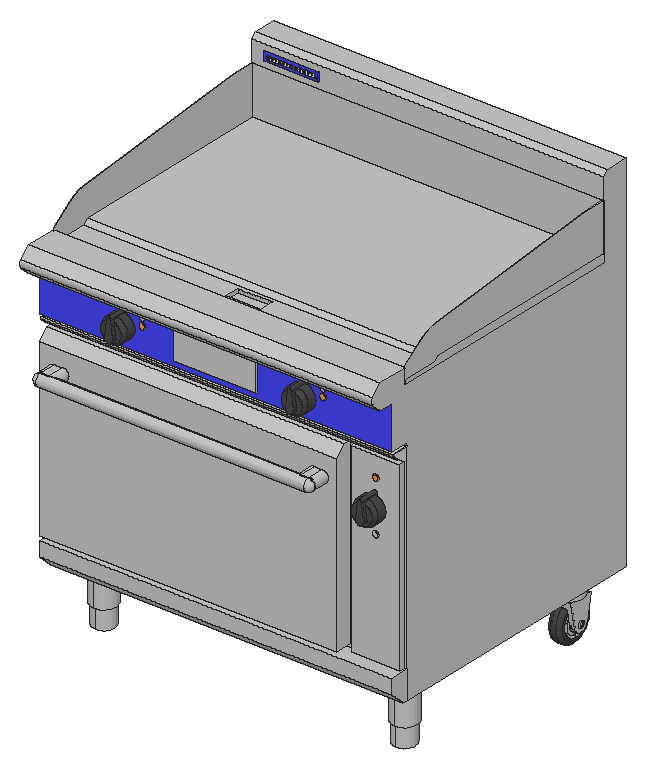
Revit family "QF_MOFFAT_BLUESEAL_CE_EP506", category Specialty Equipment, Revit 2012
Parameters
  Width = 900 mm
  Weight in Pounds = 336  # constant formula
  Watts = 18500 W
  Volts = 400 V
  URL Cutsheet = "www.moffat.com"
  URL = "www.moffat.com"
  Type Mark [instance] = ""
  Status [instance] = ""
  Specification by User [instance] = ""
  Specification by Manufacturer = ""
  Show Logo [instance] = yes
  Show Clearance [instance] = yes
  Show Casters [instance] = yes
  Serial Number = ""
  Seismic Rating = ""
  SMACNA No = ""
  Revision Code [instance] = ""
  Phase = 3
  Omniclass Number and Title = ""
  Number of Poles [instance] = 1
  NAFEM Spec ID Number = ""
  Model = "EP506"
  Min Ckt Ampacity = 0 A
  Max Overcurrent Protection = 0 A
  Masterspec = ""
  Manufacturer = "MOFFAT BLUESEAL"
  Legs [instance] = no
  Item Number [instance] = ""
  Installed By [instance] = ""
  Identify Quantity as Lot [instance] = yes
  Height = 1085 mm
  HP = ""
  Furnished By [instance] = ""
  Foodservice Equipment Identifier [instance] = yes
  FL Amps = 26 A
  Electrical Remarks [instance] = "26A PER PHASE"
  Electric Connection Type [instance] = ""
  Elec Conn RI Height [instance] = 0 mm
  Elec Conn Connection Height [instance] = 0 mm
  Description = "900MM ELECTRIC RANGE WITH CONVECTION OVEN"
  Depth = 805 mm
  Cycle = 50 Hz
  Conn Plug = ""
  Conn Conduit = yes
  CSI MasterFormat = ""
  CSI Master Format = ""
  Body Finish = QF_Finishes_Stainless Steel
  Apparent Power = if(Phase = 3, Volts * FL Amps * 1.73, Volts * FL Amps)  # 17992 VA
Reference planes
  plane 1 "BACK": y = 0
  plane 2: z = 0
  plane 3 "LEFT": x = 0
  plane 4 "RIGHT": x = 900
  plane 5 "FRONT": y = -812
  plane 6 "TOP": z = 970
  plane 7 "Center Y": x = 450
  plane 8 "Center X": y = -406
  plane 9: x = 280
  plane 10: x = 834.5
  plane 11: y = -32
  plane 12: z = 1085
  plane 13: z = 150
  plane 14: z = 740
  plane 15: x = 65.5
  plane 16: y = -100
  plane 17: y = -625
Forms (mm)
  Extrusion 1, solid, material "QF_Finishes_Stainless Steel" <- "Body Finish"
    sketch origin (0, 0, 0) x (0, 1, 0) y (0, 0, 1)
      loop
        line (0, 150) -> (0, 1085) -> (-58.9, 1085) -> (-70, 1073.9) -> (-70, 876.94) -> (-704.45, 876.94) -> (-704.45, 915) -> (-784.74, 915) -> (-808.31, 891.429)
        arc (-808.31, 891.429) -> (-812.002, 882.517) -> (-808.31, 873.604) r 12.604
        line (-808.31, 873.604) -> (-785.265, 850.559) -> (-748.2, 850.559) -> (-748.2, 740.5) -> (-699.05, 740.5) -> (-699.05, 150) -> (0, 150)
      loop
        line (-700.429, 732.9) -> (-743.335, 732.9)
        arc (-743.335, 732.9) -> (-745.599, 731.388) -> (-745.068, 728.718) r 2.45
        line (-745.068, 728.718) -> (-730.865, 714.515) -> (-730.158, 715.222) -> (-744.36, 729.425)
        arc (-744.36, 729.425) -> (-744.675, 731.005) -> (-743.335, 731.9) r 1.45
        line (-743.335, 731.9) -> (-700.429, 731.9) -> (-700.429, 732.9)
      loop
        line (-713.1, 150) -> (-699.5, 150) -> (-699.5, 221.7) -> (-748.5, 221.7) -> (-748.5, 185.4) -> (-713.1, 150)
    from 0 to 900
  Extrusion 2, solid, material "QF_Finishes_Stainless Steel"
    sketch origin (0, 0, 0) x (0, 1, 0) y (0, 0, 1)
      loop
        line (-724.715, 700.925) -> (-748.715, 676.925) -> (-748.715, 233.675) -> (-708.715, 233.675) -> (-708.715, 700.925) -> (-724.715, 700.925)
    from 0 to 760
  Extrusion 3, solid, material "QF_Finishes_Stainless Steel"
    sketch origin (723.5, 0, 0) x (0, 1, 0) y (0, 0, 1)
      loop
        line (-708.715, 700) -> (-721, 700) -> (-721, 227.5) -> (-708.715, 227.5) -> (-708.715, 700)
    from 51.5 to 176.5
  Revolve 4, solid, material "QF_Finishes_Stainless Steel" <- "Body Finish"
    sketch origin (834.5, -696.126, 0) x (0, 1, 0) y (0, 0, -1)
      loop
        line (39.376, -150) -> (71.126, -150) -> (71.126, 0) -> (43.626, 0) -> (43.626, -50) -> (39.376, -50) -> (39.376, -150)
      axis (71.126, -150) -> (71.126, 0)
    angle from 0 to 360
  Revolve 5, solid, material "QF_Finishes_Stainless Steel" <- "Body Finish"
    sketch origin (65.5, -696.126, 0) x (0, 1, 0) y (0, 0, 1)
      loop
        line (39.376, 150) -> (39.376, 50) -> (43.626, 50) -> (43.626, 0) -> (71.126, 0) -> (71.126, 150) -> (39.376, 150)
      axis (71.126, 150) -> (71.126, 0)
    angle from 0 to 360
  Extrusion 6, solid, material "QF_Finishes_Stainless Steel"
    sketch origin (0, 0, 740) x (0, 1, 0) y (1, 0, 0)
      loop
        circle (-32, 770) r 10
    from 0 to -3
  Revolve 7, solid, material "QF_Finishes_Black"
    sketch origin (837.495, 73.874, -213.6) x (0, 1, 0) y (0, 0, 1)
      loop
        line (-827.874, 829.5) -> (-838.874, 823.651) -> (-838.874, 797) -> (-794.874, 797) -> (-794.874, 802) -> (-804.874, 802) -> (-804.874, 829.5) -> (-827.874, 829.5)
      axis (-838.874, 797) -> (-794.874, 797)
    angle from 0 to 360
  Extrusion 8, solid, material "QF_Finishes_Black"
    sketch origin (689.688, 35, -213.6) x (1, 0, 0) y (0, 0, 1)
      loop
        line (158.226, 786.195) -> (152.806, 829.113)
        arc (152.806, 829.113) -> (147.807, 834) -> (142.808, 829.113) r 5
        line (142.808, 829.113) -> (137.319, 785.028)
        arc (137.319, 785.028) -> (148.391, 774.529) -> (158.226, 786.195) r 10.487
    from 759 to 808
  Extrusion 9, solid, material "QF_Door-Drawer Clearances", visible <- "Show Clearance", detail levels coarse
    sketch origin (0, 0, 0) x (0, -1, 0) y (0, 0, 1)
      loop
        line (748.715, 703.522) -> (748.715, 233.675) -> (1218.562, 233.675)
        arc (1218.562, 233.675) -> (1080.947, 565.907) -> (748.715, 703.522) r 469.847
    from 0 to -760
  Extrusion 10, void
    sketch origin (0, 0, 222.5) x (1, 0, 0) y (0, 1, 0)
      loop
        line (824, -87) -> (824, 0) -> (694, 0) -> (694, -39) -> (744, -87) -> (824, -87)
    from 0 to 517.5
  Extrusion 11, solid, material "QF_Finishes_Stainless Steel"
    sketch origin (0, -749, 227.5) x (0, 0, 1) y (-1, 0, 0)
      loop
        line (380.625, -38.246) -> (380.625, -58.528)
        arc (380.625, -58.528) -> (395.625, -73.528) -> (410.625, -58.528) r 15
        line (410.625, -58.528) -> (410.625, -38.246)
        arc (410.625, -38.246) -> (395.625, -23.246) -> (380.625, -38.246) r 15
      loop
        arc (380.625, -723.039) -> (395.625, -738.039) -> (410.625, -723.039) r 15
        line (410.625, -723.039) -> (410.625, -702.757)
        arc (410.625, -702.757) -> (395.625, -687.757) -> (380.625, -702.757) r 15
        line (380.625, -702.757) -> (380.625, -723.039)
    from 0 to 44
  Revolve 12, solid, material "QF_Finishes_Stainless Steel"
    sketch origin (0, -793, 0) x (1, 0, 0) y (0, 0, 1)
      loop
        arc (738.039, 623.125) -> (733.646, 633.732) -> (723.039, 638.125) r 15
        line (723.039, 638.125) -> (38.246, 638.125)
        arc (38.246, 638.125) -> (27.64, 633.732) -> (23.246, 623.125) r 15
        line (23.246, 623.125) -> (738.039, 623.125)
      axis (738.039, 623.125) -> (23.246, 623.125)
    angle from 0 to 360
  Revolve 13, solid, material "QF_Finishes_Black"
    sketch origin (217.5, 14.8, 598.3) x (0, 1, 0) y (0, 0, -1)
      loop
        line (-796, -229.5) -> (-773, -229.5) -> (-773, -202) -> (-763, -202) -> (-763, -197) -> (-807, -197) -> (-807, -223.651) -> (-796, -229.5)
      axis (-807, -197) -> (-763, -197)
    angle from 0 to 360
  Extrusion 14, solid, material "QF_Finishes_Black"
    sketch origin (355.77, 7.8, 598.458) x (-1, 0, 0) y (0, 0, -1)
      loop
        line (127.85, -186.037) -> (133.271, -228.955)
        arc (133.271, -228.955) -> (138.27, -233.842) -> (143.268, -228.955) r 5
        line (143.268, -228.955) -> (148.757, -184.87)
        arc (148.757, -184.87) -> (137.685, -174.371) -> (127.85, -186.037) r 10.487
    from 759 to 808
  Extrusion 15, solid, material "QF_Finishes_Stainless Steel"
    sketch origin (-295, -748.2, 866) x (0, 0, -1) y (1, 0, 0)
      loop
        line (24, 640) -> (110.5, 640) -> (110.5, 850) -> (24, 850) -> (24, 640)
    from 0 to 2.5
  Extrusion 16, solid, material "QF_Finishes_Stainless Steel"
    sketch origin (-295, -750.7, 866) x (0, 0, -1) y (1, 0, 0)
      loop
        line (31, 850) -> (24, 850) -> (24, 640) -> (31, 640) -> (31, 850)
    from 0 to 5
  Revolve 17, solid, material "QF_Finishes_Black"
    sketch origin (680.116, 14.8, 598.3) x (0, 1, 0) y (0, 0, 1)
      loop
        line (-796, 229.5) -> (-807, 223.651) -> (-807, 197) -> (-763, 197) -> (-763, 202) -> (-773, 202) -> (-773, 229.5) -> (-796, 229.5)
      axis (-807, 197) -> (-763, 197)
    angle from 0 to 360
  Extrusion 18, solid, material "QF_Finishes_Black"
    sketch origin (541.846, 7.8, 598.458) x (1, 0, 0) y (0, 0, 1)
      loop
        line (148.689, 186.037) -> (143.268, 228.955)
        arc (143.268, 228.955) -> (138.27, 233.842) -> (133.271, 228.955) r 5
        line (133.271, 228.955) -> (127.782, 184.87)
        arc (127.782, 184.87) -> (138.854, 174.371) -> (148.689, 186.037) r 10.487
    from 759 to 808
  Extrusion 19, solid, material "QF_Finishes_Orange"
    sketch origin (0, -748.2, 866) x (0, 0, -1) y (1, 0, 0)
      loop
        circle (60.7, 725.121) r 7.15
      loop
        circle (60.7, 262.505) r 7.15
    from 0 to 1
  Extrusion 20, solid, material "QF_Finishes_Stainless Steel"
    sketch origin (0, -748.2, 866) x (0, 0, -1) y (1, 0, 0)
      loop
        circle (40.7, 725.121) r 7.15
      loop
        circle (40.7, 262.505) r 7.15
    from 0 to 1
  Revolve 21, solid, material "QF_Finishes_Stainless Steel", visible <- "Legs"
    sketch origin (834.5, -210, 0) x (0, 1, 0) y (0, 0, -1)
      loop
        line (78.25, -150) -> (110, -150) -> (110, 0) -> (82.5, 0) -> (82.5, -50) -> (78.25, -50) -> (78.25, -150)
      axis (110, -150) -> (110, 0)
    angle from 0 to 360
  Revolve 22, solid, material "QF_Finishes_Stainless Steel", visible <- "Legs"
    sketch origin (65, -210, 0) x (0, 1, 0) y (0, 0, -1)
      loop
        line (78.25, -150) -> (110, -150) -> (110, 0) -> (82.5, 0) -> (82.5, -50) -> (78.25, -50) -> (78.25, -150)
      axis (110, -150) -> (110, 0)
    angle from 0 to 360
  Revolve 23, solid, material "QF_Finishes_Stainless Steel", visible <- "Legs"
    sketch origin (65.5, -166, 0) x (0, 1, 0) y (0, 0, 1)
      loop
        line (34.25, 150) -> (34.25, 50) -> (38.5, 50) -> (38.5, 0) -> (66, 0) -> (66, 150) -> (34.25, 150)
      axis (66, 150) -> (66, 0)
    angle from 0 to 360
  Revolve 24, solid, material "QF_Finishes_Stainless Steel", visible <- "Legs"
    sketch origin (835, -166, 0) x (0, 1, 0) y (0, 0, -1)
      loop
        line (34.25, -150) -> (66, -150) -> (66, 0) -> (38.5, 0) -> (38.5, -50) -> (34.25, -50) -> (34.25, -150)
      axis (66, -150) -> (66, 0)
    angle from 0 to 360
  Revolve 25, solid, material "QF_Finishes_Stainless Steel", visible <- "Show Casters"
    sketch origin (16.276, -100.755, -13.653) x (1, 0, 0) y (0, 0, 1)
      loop
        line (14.841, 63.604) -> (83.584, 63.604) -> (83.584, 67.109) -> (82.314, 68.379) -> (80.79, 68.379) -> (80.79, 71.826) -> (68.644, 71.826) -> (68.644, 81.79) -> (65.088, 83.843) -> (63.738, 92.179) -> (65.881, 92.179) -> (65.881, 98.529) -> (65.088, 98.529) -> (65.088, 104.879)
        arc (65.088, 104.879) -> (62.298, 111.614) -> (55.563, 114.404) r 9.525
        line (55.563, 114.404) -> (42.863, 114.404)
        arc (42.863, 114.404) -> (36.127, 111.614) -> (33.338, 104.879) r 9.525
        line (33.338, 104.879) -> (33.338, 98.529) -> (32.544, 98.529) -> (32.544, 92.179) -> (34.687, 92.179) -> (33.352, 83.932) -> (29.782, 81.871) -> (29.782, 71.826) -> (17.635, 71.826) -> (17.635, 68.379) -> (16.111, 68.379) -> (14.841, 67.109) -> (14.841, 63.604)
      axis (14.841, 63.604) -> (83.584, 63.604)
    angle from 0 to 360
  Extrusion 26, solid, material "QF_Finishes_Stainless Steel", visible <- "Show Casters"
    sketch origin (72.001, 132.353, -8.783) x (0, 1, 0) y (0, 0, 1)
      loop
        line (-200.603, 118.783) -> (-264.103, 118.783) -> (-251.746, 53.895)
        arc (-251.746, 53.895) -> (-232.353, 38.783) -> (-212.959, 53.895) r 20
        line (-212.959, 53.895) -> (-200.603, 118.783)
    from -35.667 to 22.923
  Revolve 27, solid, material "QF_Finishes_Stainless Steel", visible <- "Show Casters"
    sketch origin (65.5, -204, 0) x (0, 1, 0) y (0, 0, 1)
      loop
        line (68.25, 150) -> (68.25, 110) -> (104, 110) -> (104, 150) -> (68.25, 150)
      axis (104, 150) -> (104, 110)
    angle from 0 to 360
  Revolve 28, solid, material "QF_Finishes_Stainless Steel", visible <- "Legs"
    sketch origin (65.5, -166, 0) x (0, 1, 0) y (0, 0, 1)
      loop
        line (34.25, 150) -> (34.25, 50) -> (38.5, 50) -> (38.5, 0) -> (66, 0) -> (66, 150) -> (34.25, 150)
      axis (66, 150) -> (66, 0)
    angle from 0 to 360
  Extrusion 29, solid, material "QF_Finishes_Stainless Steel", visible <- "Show Casters"
    sketch origin (841.501, 132.353, -8.783) x (0, 1, 0) y (0, 0, 1)
      loop
        line (-200.603, 118.783) -> (-264.103, 118.783) -> (-251.746, 53.895)
        arc (-251.746, 53.895) -> (-232.353, 38.783) -> (-212.959, 53.895) r 20
        line (-212.959, 53.895) -> (-200.603, 118.783)
    from -35.667 to 22.923
  Revolve 30, solid, material "QF_Finishes_Stainless Steel", visible <- "Show Casters"
    sketch origin (835, -204, 0) x (0, 1, 0) y (0, 0, 1)
      loop
        line (68.25, 150) -> (68.25, 110) -> (104, 110) -> (104, 150) -> (68.25, 150)
      axis (104, 150) -> (104, 110)
    angle from 0 to 360
  Revolve 31, solid, material "QF_Finishes_Stainless Steel", visible <- "Show Casters"
    sketch origin (786.276, -100.755, -13.653) x (1, 0, 0) y (0, 0, 1)
      loop
        line (14.841, 63.604) -> (83.584, 63.604) -> (83.584, 67.109) -> (82.314, 68.379) -> (80.79, 68.379) -> (80.79, 71.826) -> (68.644, 71.826) -> (68.644, 81.79) -> (65.088, 83.843) -> (63.738, 92.179) -> (65.881, 92.179) -> (65.881, 98.529) -> (65.088, 98.529) -> (65.088, 104.879)
        arc (65.088, 104.879) -> (62.298, 111.614) -> (55.563, 114.404) r 9.525
        line (55.563, 114.404) -> (42.863, 114.404)
        arc (42.863, 114.404) -> (36.127, 111.614) -> (33.338, 104.879) r 9.525
        line (33.338, 104.879) -> (33.338, 98.529) -> (32.544, 98.529) -> (32.544, 92.179) -> (34.687, 92.179) -> (33.352, 83.932) -> (29.782, 81.871) -> (29.782, 71.826) -> (17.635, 71.826) -> (17.635, 68.379) -> (16.111, 68.379) -> (14.841, 67.109) -> (14.841, 63.604)
      axis (14.841, 63.604) -> (83.584, 63.604)
    angle from 0 to 360
  Extrusion 32, solid, material "QF_Finishes_Stainless Steel"
    sketch origin (723.5, -721, 700) x (0, 0, -1) y (1, 0, 0)
      loop
        circle (181.6, 114) r 7.15
    from 0 to 1
  Extrusion 33, solid, material "QF_Finishes_Orange"
    sketch origin (723.5, -721, 700) x (0, 0, -1) y (1, 0, 0)
      loop
        circle (51.6, 114) r 7.15
    from 0 to 1
Cuts and joins
  Extrusion 10 cuts Extrusion 1
Lines and regions (mm)
  Split face 1
    outline origin (900, 0, 1085) x (-1, 0, 0) y (0, -1, 0)
      loop
        arc (44, 45.385) -> (35.34, 40.385) -> (35.34, 30.385) r 10
        line (35.34, 30.385) -> (39.381, 23.385)
        arc (39.381, 23.385) -> (43.041, 19.725) -> (48.041, 18.385) r 10
        line (48.041, 18.385) -> (276, 18.385)
        arc (276, 18.385) -> (284.66, 23.385) -> (284.66, 33.385) r 10
        line (284.66, 33.385) -> (280.619, 40.385)
        arc (280.619, 40.385) -> (276.959, 44.045) -> (271.959, 45.385) r 10
        line (271.959, 45.385) -> (44, 45.385)
  Split face 2
    outline origin (900, 0, 1085) x (-1, 0, 0) y (0, -1, 0)
      loop
        arc (334, 45.385) -> (325.34, 40.385) -> (325.34, 30.385) r 10
        line (325.34, 30.385) -> (329.381, 23.385)
        arc (329.381, 23.385) -> (333.041, 19.725) -> (338.041, 18.385) r 10
        line (338.041, 18.385) -> (566, 18.385)
        arc (566, 18.385) -> (574.66, 23.385) -> (574.66, 33.385) r 10
        line (574.66, 33.385) -> (570.619, 40.385)
        arc (570.619, 40.385) -> (566.959, 44.045) -> (561.959, 45.385) r 10
        line (561.959, 45.385) -> (334, 45.385)
  Split face 3
    outline origin (900, 0, 1085) x (-1, 0, 0) y (0, -1, 0)
      loop
        arc (624, 45.385) -> (615.34, 40.385) -> (615.34, 30.385) r 10
        line (615.34, 30.385) -> (619.381, 23.385)
        arc (619.381, 23.385) -> (623.041, 19.725) -> (628.041, 18.385) r 10
        line (628.041, 18.385) -> (856, 18.385)
        arc (856, 18.385) -> (864.66, 23.385) -> (864.66, 33.385) r 10
        line (864.66, 33.385) -> (860.619, 40.385)
        arc (860.619, 40.385) -> (856.959, 44.045) -> (851.959, 45.385) r 10
        line (851.959, 45.385) -> (624, 45.385)
  symbolic lines, style "QF_Door-Drawer Clearances", visible <- "Show Clearance"
    curve 1: line (0, -1218.562, 0) -> (0, -812, 0)
    curve 2: line (0, -1218.562, 0) -> (760, -1218.562, 0)
    curve 3: line (760, -1218.562, 0) -> (760, -812, 0)
  symbolic lines, style "SpecialityEquipmentHiddenLines", visible <- "Show Casters"
    curve 4: line (78.456, -46.735, 0) -> (105.952, -62.61, 0)
    curve 5: line (27.656, -134.723, 0) -> (78.456, -46.735, 0)
    curve 6: line (55.152, -150.598, 0) -> (27.656, -134.723, 0)
    curve 7: line (105.952, -62.61, 0) -> (55.152, -150.598, 0)
    curve 8: line (824.652, -150.598, 0) -> (797.156, -134.723, 0)
    curve 9: line (875.452, -62.61, 0) -> (824.652, -150.598, 0)
    curve 10: line (847.956, -46.735, 0) -> (797.156, -134.723, 0)
    curve 11: line (875.452, -62.61, 0) -> (847.956, -46.735, 0)
  symbolic lines
    curve 12: line (44, -18.385, 0) -> (271.959, -18.385, 0)
    curve 13: arc (271.959, -18.385, 0) -> (276.959, -19.725, 0) -> (280.619, -23.385, 0) r 10
    curve 14: line (280.619, -23.385, 0) -> (284.66, -30.385, 0)
    curve 15: arc (284.66, -30.385, 0) -> (284.66, -40.385, 0) -> (276, -45.385, 0) r 10
    curve 16: line (276, -45.385, 0) -> (48.041, -45.385, 0)
    curve 17: arc (48.041, -45.385, 0) -> (43.041, -44.045, 0) -> (39.381, -40.385, 0) r 10
    curve 18: line (39.381, -40.385, 0) -> (35.34, -33.385, 0)
    curve 19: arc (35.34, -33.385, 0) -> (35.34, -23.385, 0) -> (44, -18.385, 0) r 10
    curve 20: line (334, -18.385, 0) -> (561.959, -18.385, 0)
    curve 21: arc (561.959, -18.385, 0) -> (566.959, -19.725, 0) -> (570.619, -23.385, 0) r 10
    curve 22: line (570.619, -23.385, 0) -> (574.66, -30.385, 0)
    curve 23: arc (574.66, -30.385, 0) -> (574.66, -40.385, 0) -> (566, -45.385, 0) r 10
    curve 24: line (566, -45.385, 0) -> (338.041, -45.385, 0)
    curve 25: arc (338.041, -45.385, 0) -> (333.041, -44.045, 0) -> (329.381, -40.385, 0) r 10
    curve 26: line (329.381, -40.385, 0) -> (325.34, -33.385, 0)
    curve 27: arc (325.34, -33.385, 0) -> (325.34, -23.385, 0) -> (334, -18.385, 0) r 10
    curve 28: line (851.959, -18.385, 0) -> (624, -18.385, 0)
    curve 29: arc (624, -18.385, 0) -> (615.34, -23.385, 0) -> (615.34, -33.385, 0) r 10
    curve 30: line (615.34, -33.385, 0) -> (619.381, -40.385, 0)
    curve 31: arc (619.381, -40.385, 0) -> (623.041, -44.045, 0) -> (628.041, -45.385, 0) r 10
    curve 32: line (628.041, -45.385, 0) -> (856, -45.385, 0)
    curve 33: arc (856, -45.385, 0) -> (864.66, -40.385, 0) -> (864.66, -30.385, 0) r 10
    curve 34: line (864.66, -30.385, 0) -> (860.619, -23.385, 0)
    curve 35: arc (860.619, -23.385, 0) -> (856.959, -19.725, 0) -> (851.959, -18.385, 0) r 10
    curve 36: line (900, 0, 0) -> (0, 0, 0)
    curve 37: line (0, 0, 0) -> (0, -812, 0)
    curve 38: line (900, -812, 0) -> (900, 0, 0)
    curve 39: line (0, -784.7, 0) -> (900, -784.7, 0)
    curve 40: line (0, -812, 0) -> (900, -812, 0)
    curve 41: line (0, -58.9, 0) -> (900, -58.9, 0)
    curve 42: line (0, -70, 0) -> (900, -70, 0)
Dimensions and locks
  equal spacing: plane 3 "LEFT", plane 7 "Center Y", plane 4 "RIGHT"
  "Width": plane 3 "LEFT" to plane 4 "RIGHT"
  equal spacing: plane 5 "FRONT", plane 8 "Center X", plane 1 "BACK"
  plane 5 "FRONT" to plane 1 "BACK" = 812 mm  (x2)
  equal spacing: plane 4 "RIGHT", plane 7 "Center Y", plane 3 "LEFT"
  plane 4 "RIGHT" to plane 3 "LEFT" = 900 mm
  plane 9 to plane 3 "LEFT" = 280 mm
  plane 6 "TOP" to plane 2 = 970 mm
  plane 12 to plane 2 = 1085 mm
  plane 13 to plane 2 = 150 mm
  plane 14 to plane 2 = 740 mm
  Revolve 25 sketch curve to Revolve 25 sketch curve = 50.8 mm
  Revolve 31 sketch curve to Revolve 31 sketch curve = 50.8 mm
  cut or joined group of Extrusion 1, Extrusion 10 to plane 2 = 915 mm
  aligned and locked: level to plane 2
Automatic sketch dimensions
  Extrusion 2 sketch curve to plane 5 "FRONT" = 63.285 mm  (x2)
  Extrusion 2 sketch curve to Extrusion 2 sketch curve = 24 mm
  Extrusion 2 sketch curve to Extrusion 2 sketch curve = 40 mm
  Extrusion 2 sketch curve to plane 13 = 83.675 mm
  Extrusion 2 sketch curve to plane 14 = 63.075 mm
  Extrusion 2 sketch curve to plane 14 = 39.075 mm
  Extrusion 3 sketch curve to plane 14 = 40 mm
  Extrusion 3 sketch curve to plane 5 "FRONT" = 91 mm
  Extrusion 3 sketch curve to Extrusion 3 sketch curve = 12.285 mm  (x2)
  Extrusion 3 sketch curve to plane 13 = 77.5 mm
  plane 13 to Revolve 4 sketch curve = 0 mm
  Revolve 4 sketch curve to level = 0 mm
  Revolve 4 sketch curve to plane 17 = 0 mm  (x2)
  Revolve 4 sketch curve to Revolve 4 sketch curve = 27.5 mm
  plane 17 to Revolve 4 sketch curve = 31.75 mm
  level to Revolve 4 sketch curve = 50 mm
  Revolve 4 sketch curve to Revolve 4 sketch curve = 0 mm
  Revolve 4 sketch curve to Revolve 4 sketch curve = 55 mm
  plane 13 to Revolve 5 sketch curve = 0 mm
  Revolve 5 sketch curve to level = 0 mm
  Revolve 5 sketch curve to plane 17 = 0 mm  (x2)
  Revolve 5 sketch curve to Revolve 5 sketch curve = 27.5 mm
  plane 17 to Revolve 5 sketch curve = 31.75 mm
  Revolve 5 sketch curve to level = 55 mm
  Revolve 5 sketch curve to Revolve 5 sketch curve = 50 mm
  Revolve 5 sketch curve to Revolve 5 sketch curve = 0 mm
  Extrusion 10 to Extrusion 6 sketch curve = 32 mm
  Extrusion 10 to Extrusion 6 sketch curve = 54 mm
  Revolve 7 sketch curve to plane 5 "FRONT" = 47 mm
  Revolve 7 sketch curve to Revolve 7 sketch curve = 0 mm  (x2)
  Revolve 7 sketch curve to Revolve 7 sketch curve = 11 mm
  Revolve 7 sketch curve to Revolve 7 sketch curve = 12.7 mm
  Revolve 7 sketch curve to Revolve 7 sketch curve = 23 mm
  Revolve 7 sketch curve to Revolve 7 sketch curve = 10 mm
  Revolve 7 sketch curve to plane 14 = 156.6 mm
  Revolve 7 sketch curve to Revolve 7 sketch curve = 5 mm
  Revolve 7 sketch curve to Revolve 7 sketch curve = 26.651 mm
  Revolve 7 sketch curve to Revolve 7 sketch curve = 5.849 mm
  Extrusion 8 sketch curve to plane 10 = 7.492 mm
  Extrusion 8 sketch curve to plane 10 = 2.003 mm
  plane 10 to Extrusion 8 sketch curve = 2.995 mm  (x2)
  Extrusion 8 sketch curve to Extrusion 8 sketch curve = 4.999 mm
  Extrusion 8 sketch curve to Extrusion 8 sketch curve = 10.419 mm
  Extrusion 8 sketch curve to plane 14 = 168.6 mm
  Extrusion 8 sketch curve to Extrusion 8 sketch curve = 0.028 mm
  Extrusion 8 sketch curve to Extrusion 8 sketch curve = 44 mm
  Extrusion 8 sketch curve to Extrusion 8 sketch curve = 0.113 mm
  Extrusion 9 sketch curve to plane 5 "FRONT" = 63.285 mm
  Extrusion 9 sketch curve to plane 13 = 83.675 mm
  plane 5 "FRONT" to Extrusion 9 sketch curve = 406.562 mm
  plane 1 "BACK" to Extrusion 10 sketch curve = 0 mm
  Extrusion 10 sketch curve to plane 11 = 7 mm
  Extrusion 10 sketch curve to plane 10 = 140.5 mm
  Extrusion 10 sketch curve to plane 16 = 13 mm
  Extrusion 10 sketch curve to Extrusion 10 sketch curve = 50 mm
  Extrusion 10 sketch curve to plane 10 = 10.5 mm
  Extrusion 11 sketch curve to plane 15 = 6.972 mm
  Extrusion 11 sketch curve to plane 14 = 131.875 mm  (x2)
  Extrusion 11 sketch curve to Extrusion 11 sketch curve = 15 mm  (x2)
  Extrusion 11 sketch curve to plane 10 = 131.743 mm
  Extrusion 11 sketch curve to Extrusion 11 sketch curve = 20.282 mm  (x2)
  Revolve 12 sketch curve to plane 3 "LEFT" = 6.961 mm
  plane 3 "LEFT" to Revolve 12 sketch curve = 23.246 mm
  Revolve 12 sketch curve to Revolve 12 sketch curve = 15 mm
  plane 7 "Center Y" to Revolve 12 sketch curve = 138.039 mm
  Revolve 12 sketch curve to plane 10 = 111.461 mm
  Revolve 12 sketch curve to plane 14 = 116.875 mm
  Revolve 12 sketch curve to Revolve 12 sketch curve = 0 mm
  Revolve 13 sketch curve to plane 5 "FRONT" = 19.8 mm
  Revolve 13 sketch curve to Revolve 13 sketch curve = 0 mm  (x2)
  Revolve 13 sketch curve to Revolve 13 sketch curve = 11 mm
  Revolve 13 sketch curve to Revolve 13 sketch curve = 12.7 mm
  Revolve 13 sketch curve to Revolve 13 sketch curve = 23 mm
  Revolve 13 sketch curve to Revolve 13 sketch curve = 10 mm
  plane 14 to Revolve 13 sketch curve = 87.8 mm
  Revolve 13 sketch curve to Revolve 13 sketch curve = 5.849 mm
  Revolve 13 sketch curve to Revolve 13 sketch curve = 27.5 mm
  Revolve 13 sketch curve to Revolve 13 sketch curve = 5 mm
  Extrusion 14 sketch curve to plane 9 = 52.081 mm
  Extrusion 14 sketch curve to Extrusion 14 sketch curve = 5.421 mm
  Extrusion 14 sketch curve to Extrusion 14 sketch curve = 10.419 mm
  Extrusion 14 sketch curve to Extrusion 14 sketch curve = 4.999 mm  (x2)
  Extrusion 14 sketch curve to Extrusion 14 sketch curve = 10.487 mm
  plane 14 to Extrusion 14 sketch curve = 87.413 mm
  Extrusion 14 sketch curve to Extrusion 14 sketch curve = 0.113 mm
  Extrusion 14 sketch curve to Extrusion 14 sketch curve = 42.919 mm
  Extrusion 14 sketch curve to Extrusion 14 sketch curve = 1.167 mm
  plane 14 to Extrusion 15 sketch curve = 102 mm
  plane 14 to Extrusion 15 sketch curve = 15.5 mm
  plane 9 to Extrusion 15 sketch curve = 65 mm
  plane 7 "Center Y" to Extrusion 15 sketch curve = 105 mm
  Extrusion 16 sketch curve to Extrusion 15 = 0 mm  (x2)
  Extrusion 15 to Extrusion 16 sketch curve = 0 mm
  Extrusion 16 sketch curve to Extrusion 15 = 7 mm
  Revolve 17 sketch curve to plane 5 "FRONT" = 19.8 mm
  Revolve 17 sketch curve to Revolve 17 sketch curve = 0 mm  (x2)
  Revolve 17 sketch curve to Revolve 17 sketch curve = 11 mm
  Revolve 17 sketch curve to Revolve 17 sketch curve = 12.7 mm
  Revolve 17 sketch curve to Revolve 17 sketch curve = 23 mm
  Revolve 17 sketch curve to Revolve 17 sketch curve = 10 mm
  plane 14 to Revolve 17 sketch curve = 55.3 mm
  Revolve 17 sketch curve to Revolve 17 sketch curve = 5 mm
  Revolve 17 sketch curve to Revolve 17 sketch curve = 26.651 mm
  Revolve 17 sketch curve to Revolve 17 sketch curve = 5.849 mm
  plane 14 to Extrusion 18 sketch curve = 43.328 mm
  Extrusion 18 sketch curve to plane 10 = 164.871 mm
  Extrusion 18 sketch curve to Extrusion 18 sketch curve = 5.489 mm
  Extrusion 18 sketch curve to Extrusion 18 sketch curve = 4.999 mm  (x2)
  Extrusion 18 sketch curve to Extrusion 18 sketch curve = 10.487 mm
  plane 14 to Extrusion 18 sketch curve = 87.413 mm
  plane 14 to Extrusion 18 sketch curve = 44.495 mm
  Extrusion 18 sketch curve to Extrusion 18 sketch curve = 10.419 mm
  Extrusion 18 sketch curve to Extrusion 18 sketch curve = 0.113 mm
  Extrusion 19 sketch curve to plane 9 = 17.495 mm
  plane 14 to Extrusion 19 sketch curve = 65.3 mm  (x2)
  Extrusion 19 sketch curve to plane 10 = 109.379 mm
  Extrusion 20 sketch curve to plane 9 = 17.495 mm
  plane 14 to Extrusion 20 sketch curve = 85.3 mm  (x2)
  Extrusion 20 sketch curve to plane 10 = 109.379 mm
  plane 13 to Revolve 21 sketch curve = 0 mm
  Revolve 21 sketch curve to level = 0 mm
  Revolve 21 sketch curve to plane 16 = 0 mm  (x2)
  Revolve 21 sketch curve to Revolve 21 sketch curve = 27.5 mm
  Revolve 21 sketch curve to Revolve 21 sketch curve = 31.75 mm
  level to Revolve 21 sketch curve = 50 mm
  Revolve 21 sketch curve to Revolve 21 sketch curve = 0 mm
  Revolve 21 sketch curve to Revolve 21 sketch curve = 55 mm
  plane 13 to Revolve 22 sketch curve = 0 mm
  Revolve 22 sketch curve to level = 0 mm
  Revolve 22 sketch curve to plane 16 = 0 mm  (x2)
  Revolve 22 sketch curve to Revolve 22 sketch curve = 27.5 mm
  Revolve 22 sketch curve to Revolve 22 sketch curve = 31.75 mm
  level to Revolve 22 sketch curve = 50 mm
  Revolve 22 sketch curve to Revolve 22 sketch curve = 0 mm
  Revolve 22 sketch curve to Revolve 22 sketch curve = 55 mm
  plane 13 to Revolve 23 sketch curve = 0 mm
  Revolve 23 sketch curve to level = 0 mm
  Revolve 23 sketch curve to plane 16 = 0 mm  (x2)
  Revolve 23 sketch curve to Revolve 23 sketch curve = 27.5 mm
  Revolve 23 sketch curve to Revolve 23 sketch curve = 31.75 mm
  Revolve 23 sketch curve to Revolve 23 sketch curve = 55 mm
  level to Revolve 23 sketch curve = 50 mm
  Revolve 23 sketch curve to Revolve 23 sketch curve = 0 mm
  plane 13 to Revolve 24 sketch curve = 0 mm
  Revolve 24 sketch curve to level = 0 mm
  Revolve 24 sketch curve to plane 16 = 0 mm  (x2)
  Revolve 24 sketch curve to Revolve 24 sketch curve = 27.5 mm
  plane 16 to Revolve 24 sketch curve = 31.75 mm
  level to Revolve 24 sketch curve = 50 mm
  Revolve 24 sketch curve to Revolve 24 sketch curve = 0 mm
  Revolve 24 sketch curve to Revolve 24 sketch curve = 55 mm
  plane 3 "LEFT" to Revolve 25 sketch curve = 31.118 mm
  Revolve 25 sketch curve to Revolve 25 sketch curve = 1.27 mm  (x4)
  Revolve 25 sketch curve to Revolve 25 sketch curve = 1.524 mm  (x2)
  Revolve 25 sketch curve to Revolve 25 sketch curve = 12.146 mm  (x2)
  Revolve 25 sketch curve to plane 15 = 16.68 mm
  Revolve 25 sketch curve to Revolve 25 sketch curve = 0.794 mm  (x2)
  Revolve 25 sketch curve to Revolve 25 sketch curve = 3.57 mm
  Revolve 25 sketch curve to Revolve 25 sketch curve = 2.143 mm
  Revolve 25 sketch curve to plane 15 = 6.361 mm
  plane 15 to Revolve 25 sketch curve = 5.13 mm
  plane 15 to Revolve 25 sketch curve = 6.339 mm
  plane 15 to Revolve 25 sketch curve = 14.515 mm
  Revolve 25 sketch curve to Revolve 25 sketch curve = 1.349 mm  (x2)
  Revolve 25 sketch curve to Revolve 25 sketch curve = 3.556 mm
  Revolve 25 sketch curve to Revolve 25 sketch curve = 33.32 mm
  level to Revolve 25 sketch curve = 49.952 mm
  Revolve 25 sketch curve to Revolve 25 sketch curve = 0 mm
  Revolve 25 sketch curve to Revolve 25 sketch curve = 3.505 mm  (x2)
  Revolve 25 sketch curve to Revolve 25 sketch curve = 3.447 mm  (x2)
  Revolve 25 sketch curve to Revolve 25 sketch curve = 9.964 mm
  Revolve 25 sketch curve to Revolve 25 sketch curve = 10.045 mm
  Revolve 25 sketch curve to Revolve 25 sketch curve = 2.053 mm
  Revolve 25 sketch curve to Revolve 25 sketch curve = 2.061 mm
  Revolve 25 sketch curve to Revolve 25 sketch curve = 8.247 mm
  Revolve 25 sketch curve to Revolve 25 sketch curve = 8.336 mm
  Revolve 25 sketch curve to Revolve 25 sketch curve = 6.35 mm  (x2)
  Extrusion 26 sketch curve to plane 16 = 0 mm
  plane 16 to Extrusion 26 sketch curve = 19.393 mm
  plane 16 to Extrusion 26 sketch curve = 31.75 mm
  Extrusion 26 sketch curve to plane 16 = 19.393 mm
  Extrusion 26 sketch curve to plane 16 = 31.75 mm
  level to Extrusion 26 sketch curve = 45.111 mm
  Extrusion 26 sketch curve to Extrusion 26 sketch curve = 4.889 mm
  plane 13 to Extrusion 26 sketch curve = 40 mm
  plane 13 to Revolve 27 sketch curve = 0 mm
  Revolve 27 sketch curve to plane 16 = 0 mm  (x2)
  plane 16 to Revolve 27 sketch curve = 35.75 mm
  plane 13 to Revolve 27 sketch curve = 40 mm
  level to Revolve 27 sketch curve = 50 mm
  Revolve 27 sketch curve to level = 55 mm
  plane 13 to Revolve 28 sketch curve = 0 mm
  Revolve 28 sketch curve to level = 0 mm
  Revolve 28 sketch curve to plane 16 = 0 mm  (x2)
  Revolve 28 sketch curve to Revolve 28 sketch curve = 27.5 mm
  Revolve 28 sketch curve to Revolve 28 sketch curve = 31.75 mm
  Revolve 28 sketch curve to Revolve 28 sketch curve = 55 mm
  level to Revolve 28 sketch curve = 50 mm
  Revolve 28 sketch curve to Revolve 28 sketch curve = 0 mm
  Extrusion 29 sketch curve to plane 16 = 0 mm
  plane 16 to Extrusion 29 sketch curve = 19.393 mm
  plane 16 to Extrusion 29 sketch curve = 31.75 mm
  Extrusion 29 sketch curve to plane 16 = 19.393 mm
  Extrusion 29 sketch curve to plane 16 = 31.75 mm
  level to Extrusion 29 sketch curve = 45.111 mm
  Extrusion 29 sketch curve to Extrusion 29 sketch curve = 4.889 mm
  plane 13 to Extrusion 29 sketch curve = 40 mm
  plane 13 to Revolve 30 sketch curve = 0 mm
  Revolve 30 sketch curve to plane 16 = 0 mm  (x2)
  Revolve 30 sketch curve to Revolve 30 sketch curve = 35.75 mm
  plane 13 to Revolve 30 sketch curve = 40 mm
  level to Revolve 30 sketch curve = 50 mm
  Revolve 30 sketch curve to level = 55 mm
  Revolve 31 sketch curve to plane 10 = 33.382 mm
  Revolve 31 sketch curve to Revolve 31 sketch curve = 1.27 mm  (x4)
  Revolve 31 sketch curve to Revolve 31 sketch curve = 1.524 mm  (x2)
  Revolve 31 sketch curve to Revolve 31 sketch curve = 12.146 mm  (x2)
  Revolve 31 sketch curve to plane 10 = 15.68 mm
  Revolve 31 sketch curve to Revolve 31 sketch curve = 0.794 mm  (x2)
  Revolve 31 sketch curve to Revolve 31 sketch curve = 3.57 mm
  Revolve 31 sketch curve to Revolve 31 sketch curve = 2.143 mm
  Revolve 31 sketch curve to plane 10 = 5.361 mm
  plane 10 to Revolve 31 sketch curve = 6.13 mm
  plane 10 to Revolve 31 sketch curve = 7.339 mm
  Revolve 31 sketch curve to Revolve 31 sketch curve = 8.176 mm
  Revolve 31 sketch curve to Revolve 31 sketch curve = 1.349 mm  (x2)
  Revolve 31 sketch curve to Revolve 31 sketch curve = 3.556 mm
  Revolve 31 sketch curve to plane 4 "RIGHT" = 3.18 mm
  level to Revolve 31 sketch curve = 49.952 mm
  Revolve 31 sketch curve to Revolve 31 sketch curve = 0 mm
  Revolve 31 sketch curve to Revolve 31 sketch curve = 3.505 mm  (x2)
  Revolve 31 sketch curve to Revolve 31 sketch curve = 3.447 mm  (x2)
  Revolve 31 sketch curve to Revolve 31 sketch curve = 9.964 mm
  Revolve 31 sketch curve to Revolve 31 sketch curve = 10.045 mm
  Revolve 31 sketch curve to Revolve 31 sketch curve = 2.053 mm
  Revolve 31 sketch curve to Revolve 31 sketch curve = 2.061 mm
  Revolve 31 sketch curve to Revolve 31 sketch curve = 8.247 mm
  Revolve 31 sketch curve to Revolve 31 sketch curve = 8.336 mm
  Revolve 31 sketch curve to Revolve 31 sketch curve = 6.35 mm  (x2)
  Split face 1 sketch curve to cut or joined group of Extrusion 1, Extrusion 10 = 35.34 mm
  Split face 1 sketch curve to Split face 1 sketch curve = 4.041 mm  (x4)
  Split face 1 sketch curve to Split face 1 sketch curve = 8.66 mm  (x2)
  Split face 1 sketch curve to cut or joined group of Extrusion 1, Extrusion 10 = 23.515 mm
  Split face 1 sketch curve to Split face 1 sketch curve = 223.917 mm
  Split face 1 sketch curve to cut or joined group of Extrusion 1, Extrusion 10 = 18.515 mm
  Split face 1 sketch curve to Split face 1 sketch curve = 10 mm
  Split face 1 sketch curve to Split face 1 sketch curve = 7 mm  (x3)
  Split face 2 sketch curve to cut or joined group of Extrusion 1, Extrusion 10 = 28.515 mm
  Split face 2 sketch curve to cut or joined group of Extrusion 1, Extrusion 10 = 325.34 mm
  Split face 2 sketch curve to cut or joined group of Extrusion 1, Extrusion 10 = 23.385 mm
  Split face 2 sketch curve to Split face 2 sketch curve = 4.041 mm  (x4)
  Split face 2 sketch curve to Split face 2 sketch curve = 8.66 mm  (x2)
  Split face 2 sketch curve to cut or joined group of Extrusion 1, Extrusion 10 = 23.515 mm
  Split face 2 sketch curve to Split face 2 sketch curve = 223.917 mm
  Split face 2 sketch curve to cut or joined group of Extrusion 1, Extrusion 10 = 18.515 mm
  Split face 2 sketch curve to Split face 2 sketch curve = 17 mm
  Split face 2 sketch curve to Split face 2 sketch curve = 7 mm
  Split face 3 sketch curve to cut or joined group of Extrusion 1, Extrusion 10 = 28.515 mm
  Split face 3 sketch curve to cut or joined group of Extrusion 1, Extrusion 10 = 284.66 mm
  Split face 3 sketch curve to cut or joined group of Extrusion 1, Extrusion 10 = 23.385 mm
  Split face 3 sketch curve to Split face 3 sketch curve = 4.041 mm  (x4)
  Split face 3 sketch curve to Split face 3 sketch curve = 8.66 mm  (x2)
  Split face 3 sketch curve to cut or joined group of Extrusion 1, Extrusion 10 = 23.515 mm
  Split face 3 sketch curve to cut or joined group of Extrusion 1, Extrusion 10 = 48.041 mm
  Split face 3 sketch curve to cut or joined group of Extrusion 1, Extrusion 10 = 18.515 mm
  Split face 3 sketch curve to Split face 3 sketch curve = 17 mm
  Split face 3 sketch curve to Split face 3 sketch curve = 7 mm
  Extrusion 3 to Extrusion 32 sketch curve = 62.5 mm
  Extrusion 3 to Extrusion 33 sketch curve = 51.6 mm
  Extrusion 3 to Extrusion 33 sketch curve = 62.5 mm
  Extrusion 3 to Extrusion 32 sketch curve = 181.6 mm
  curve 40 to plane 3 "LEFT" = 0 mm
  plane 1 "BACK" to curve 36 = 0 mm
  curve 36 to plane 4 "RIGHT" = 0 mm
  plane 5 "FRONT" to curve 40 = 0 mm
  plane 3 "LEFT" to curve 5 = 27.656 mm
  curve 18 to plane 11 = 1.385 mm
  curve 18 to plane 15 = 30.16 mm
  curve 18 to plane 11 = 8.385 mm
  curve 19 to curve 18 = 4.041 mm
  plane 11 to curve 12 = 13.615 mm
  curve 19 to curve 12 = 8.66 mm
  curve 17 to plane 11 = 3.385 mm
  curve 19 to curve 17 = 4.041 mm
  curve 6 to plane 15 = 10.348 mm
  plane 15 to curve 5 = 12.956 mm
  plane 11 to curve 13 = 3.615 mm
  curve 13 to plane 9 = 8.041 mm
  curve 15 to plane 9 = 4 mm
  plane 9 to curve 14 = 0.619 mm
  plane 11 to curve 14 = 1.615 mm
  plane 9 to curve 14 = 4.66 mm
  curve 27 to plane 11 = 1.385 mm
  curve 14 to curve 27 = 40.679 mm
  curve 26 to curve 25 = 4.041 mm
  plane 11 to curve 27 = 13.615 mm
  curve 27 to curve 27 = 8.66 mm
  curve 25 to plane 11 = 3.385 mm
  curve 27 to curve 25 = 4.041 mm
  plane 7 "Center Y" to curve 20 = 111.959 mm
  curve 23 to plane 11 = 3.385 mm
  curve 21 to curve 23 = 4.041 mm
  plane 11 to curve 22 = 8.615 mm
  curve 21 to curve 22 = 8.66 mm
  plane 11 to curve 22 = 1.615 mm
  curve 21 to curve 22 = 4.041 mm
  curve 30 to plane 11 = 1.385 mm
  curve 22 to curve 30 = 40.679 mm
  curve 30 to plane 11 = 8.385 mm
  curve 30 to curve 30 = 4.041 mm
  curve 29 to curve 29 = 8.66 mm
  curve 31 to plane 11 = 3.385 mm
  curve 29 to curve 31 = 4.041 mm
  curve 2 to plane 10 = 74.5 mm
  curve 10 to plane 10 = 37.344 mm
  curve 8 to plane 10 = 9.848 mm
  plane 10 to curve 10 = 13.456 mm
  plane 11 to curve 35 = 3.615 mm
  plane 10 to curve 35 = 17.459 mm
  curve 10 to curve 32 = 8.044 mm
  plane 11 to curve 34 = 8.615 mm
  curve 35 to curve 34 = 8.66 mm
  plane 11 to curve 34 = 1.615 mm
  curve 34 to curve 34 = 4.041 mm
  curve 1 to curve 1 = 406.562 mm
  curve 39 to plane 5 "FRONT" = 27.3 mm
  plane 16 to curve 9 = 50.598 mm
  plane 16 to curve 7 = 50.598 mm
  curve 6 to curve 6 = 15.875 mm
  curve 8 to curve 10 = 15.875 mm
  Extrusion 1 sketch curve to Extrusion 1 sketch curve = 0 mm  (x2)
  plane 13 to Extrusion 1 sketch curve = 0 mm  (x2)
  Extrusion 1 sketch curve to plane 12 = 0 mm
  Extrusion 1 sketch curve to plane 1 "BACK" = 0 mm
  Extrusion 1 sketch curve to plane 5 "FRONT" = 3.69 mm  (x2)
  Extrusion 1 sketch curve to Extrusion 1 sketch curve = 8.913 mm  (x2)
  Extrusion 1 sketch curve to plane 5 "FRONT" = 26.735 mm
  Extrusion 1 sketch curve to plane 5 "FRONT" = 27.26 mm
  Extrusion 1 sketch curve to plane 5 "FRONT" = 63.5 mm
  plane 14 to Extrusion 1 sketch curve = 0.5 mm
  Extrusion 1 sketch curve to plane 5 "FRONT" = 63.8 mm
  Extrusion 1 sketch curve to plane 14 = 11.282 mm
  Extrusion 1 sketch curve to Extrusion 1 sketch curve = 3.132 mm
  Extrusion 1 sketch curve to plane 14 = 10.575 mm
  Extrusion 1 sketch curve to Extrusion 1 sketch curve = 0.707 mm
  Extrusion 1 sketch curve to Extrusion 1 sketch curve = 1.025 mm
  Extrusion 1 sketch curve to plane 14 = 25.485 mm
  Extrusion 1 sketch curve to Extrusion 1 sketch curve = 14.202 mm
  Extrusion 1 sketch curve to Extrusion 1 sketch curve = 35.4 mm
  Extrusion 1 sketch curve to Extrusion 1 sketch curve = 43.75 mm
  Extrusion 1 sketch curve to plane 14 = 8.1 mm
  Extrusion 1 sketch curve to Extrusion 1 sketch curve = 29.729 mm
  Extrusion 1 sketch curve to Extrusion 1 sketch curve = 49 mm
  Extrusion 1 sketch curve to Extrusion 1 sketch curve = 0.45 mm
  Extrusion 1 sketch curve to plane 16 = 30 mm
  Extrusion 1 sketch curve to Extrusion 1 sketch curve = 11.1 mm
  Extrusion 1 sketch curve to plane 13 = 35.4 mm
  Extrusion 1 sketch curve to Extrusion 1 sketch curve = 36.3 mm
  Extrusion 1 sketch curve to Extrusion 1 sketch curve = 23.045 mm
  Extrusion 1 sketch curve to plane 6 "TOP" = 93.06 mm
  Extrusion 1 sketch curve to Extrusion 1 sketch curve = 38.06 mm
  Extrusion 1 sketch curve to plane 12 = 11.1 mm
  Extrusion 1 sketch curve to Extrusion 1 sketch curve = 26.381 mm
  curve 41 to plane 11 = 26.9 mm
  curve 42 to curve 41 = 11.1 mm
  radius of Extrusion 6 sketch curve = 10 mm
  radius of Extrusion 19 sketch curve = 7.15 mm  (x2)
  radius of Extrusion 20 sketch curve = 7.15 mm  (x2)
  radius of Extrusion 32 sketch curve = 7.15 mm
  radius of Extrusion 33 sketch curve = 7.15 mm
Nested families
  nested 1: "ELECTRIC GRIDDLE PLATE" at (0, -70.003, 876.44), type "ELECTRIC GRIDDLE PLATE"
    with Type Mark "", Status "", Specification by User "", Revision Code "", Item Number "", Installed By "", Identify Quantity as Lot yes, Furnished By "", Foodservice Equipment Identifier yes
  nested 2: "WALDORF LOGO_FACE BASE" at (31.993, -70, 1057.385) x (1, 0, 0) z (0, -1, 0), visible <- "Show Logo", type "WALDORF LOGO_FACE BASE", detail levels medium+fine
    with Show Logo yes
Connectors
  electrical at (770, -32, 743), driven by "Watts", driven by "Volts"
    settings: on Extrusion 6, index 1, voltage 400 V, apparent load 18500 VA, apparent load phase1 0 VA, apparent load phase2 0 VA, apparent load phase3 0 VA, power factor 1, load classification "Other", number of poles 1, system type 30, power factor state 1, is connector primary yes, connector utility no, sub classification motor no, connector description "ELECTRICAL CONNECTION"
Definition of nested family "ELECTRIC GRIDDLE PLATE"
  Parameters (values of type "ELECTRIC GRIDDLE PLATE")
    Weight in Pounds = 0
    URL Cutsheet = ""
    Type Mark [instance] = ""
    Status [instance] = ""
    Specification by User [instance] = ""
    Specification by Manufacturer = ""
    Serial Number = ""
    Seismic Rating = ""
    SMACNA No = ""
    Revision Code [instance] = ""
    Omniclass Number and Title = ""
    NAFEM Spec ID Number = ""
    Masterspec = ""
    Item Number [instance] = ""
    Installed By [instance] = ""
    Identify Quantity as Lot [instance] = yes
    Furnished By [instance] = ""
    Foodservice Equipment Identifier [instance] = yes
    CSI MasterFormat = ""
    CSI Master Format = ""
  Reference planes
    plane 1 "BACK": y = 0
    plane 2: z = 0
    plane 3 "LEFT": x = 0
    plane 4 "RIGHT": x = 900
    plane 5 "FRONT": y = -635
    plane 6 "TOP": z = 142.5
    plane 7 "Center Y": x = 450
    plane 8 "Center X": y = -317.5
  Forms (mm)
    Extrusion 1, solid, material "QF_Finishes_Stainless Steel"
      sketch origin (0, 70.003, -874.5) x (0, 1, 0) y (0, 0, 1)
        loop
          line (-70, 875) -> (-70, 1017) -> (-127.048, 1017) -> (-605.133, 971.023)
          arc (-605.133, 971.023) -> (-630.16, 965.303) -> (-652.906, 953.399) r 100
          line (-652.906, 953.399) -> (-705.003, 916.5) -> (-705.003, 875) -> (-70, 875)
      from 0 to 1.8
    Extrusion 2, solid, material "QF_Finishes_Stainless Steel"
      sketch origin (900, 0, 0) x (0, -1, 0) y (0, 0, 1)
        loop
          line (57.045, 142.5) -> (-0.003, 142.5) -> (-0.003, 0.5) -> (635, 0.5) -> (635, 42) -> (582.903, 78.899)
          arc (582.903, 78.899) -> (560.157, 90.803) -> (535.13, 96.523) r 100
          line (535.13, 96.523) -> (57.045, 142.5)
      from 0 to 1.8
    Extrusion 3, solid, material "QF_Finishes_Stainless Steel"
      sketch origin (150, 70.003, -874.5) x (0, 1, 0) y (0, 0, 1)
        loop
          line (-70, 895) -> (-601, 895) -> (-611.5, 884.5) -> (-704.403, 884.5) -> (-704.403, 875) -> (-70, 875) -> (-70, 895)
      from -148.2 to 750
    Extrusion 4, void
      sketch origin (150, -541.497, 10) x (0, -1, 0) y (1, 0, 0)
        loop
          line (10.6, 344.25) -> (10.6, 255.75) -> (49.1, 255.75) -> (49.1, 344.25) -> (10.6, 344.25)
      from -41.4 to 40.142
    Extrusion 5, solid, material "QF_Finishes_Stainless Steel"
      sketch origin (150, 0.003, 211.574) x (0, 0, -1) y (1, 0, 0)
        loop
          line (69.074, -148.2) -> (191.074, -148.2) -> (191.074, 750) -> (69.074, 750) -> (69.074, -148.2)
      from 0 to 1.683
  Cuts and joins
    Extrusion 4 cuts Extrusion 3
  Lines and regions (mm)
    symbolic lines
      curve 1: line (900, -530.997, 0) -> (0, -530.997, 0)
      curve 2: line (0, -541.497, 0) -> (900, -541.497, 0)
      curve 3: line (405.75, -552.097, 0) -> (405.75, -590.597, 0)
      curve 4: line (405.75, -590.597, 0) -> (494.25, -590.597, 0)
      curve 5: line (494.25, -590.597, 0) -> (494.25, -552.097, 0)
      curve 6: line (494.25, -552.097, 0) -> (405.75, -552.097, 0)
      curve 7: line (0, 0, 0) -> (900, 0, 0)
      curve 8: line (0, -635, 0) -> (0, 0, 0)
      curve 9: line (0, -635, 0) -> (900, -635, 0)
      curve 10: line (900, -635, 0) -> (900, 0, 0)
  Dimensions and locks
    equal spacing: plane 3 "LEFT", plane 7 "Center Y", plane 4 "RIGHT"
    plane 3 "LEFT" to plane 4 "RIGHT" = 900 mm
    equal spacing: plane 5 "FRONT", plane 8 "Center X", plane 1 "BACK"
    plane 5 "FRONT" to plane 1 "BACK" = 635 mm
    aligned and locked: level to plane 2
    aligned and locked: cut or joined group of Extrusion 3, Extrusion 4 to plane 4 "RIGHT"
    aligned and locked: Extrusion 5 to plane 4 "RIGHT"
  Automatic sketch dimensions
    plane 3 "LEFT" to curve 9 = 0 mm
    curve 4 to plane 7 "Center Y" = 44.25 mm
    plane 7 "Center Y" to curve 5 = 44.25 mm
    curve 3 to plane 5 "FRONT" = 44.403 mm
    curve 3 to curve 3 = 38.5 mm
    curve 2 to plane 5 "FRONT" = 93.503 mm
    curve 2 to curve 1 = 10.5 mm
    plane 1 "BACK" to curve 8 = 0 mm
    Extrusion 1 sketch curve to plane 5 "FRONT" = 0 mm
    Extrusion 1 sketch curve to plane 6 "TOP" = 0 mm
    Extrusion 1 sketch curve to plane 5 "FRONT" = 52.097 mm
    Extrusion 1 sketch curve to plane 6 "TOP" = 45.977 mm
    Extrusion 1 sketch curve to Extrusion 1 sketch curve = 47.773 mm
    Extrusion 1 sketch curve to level = 3.016 mm
    Extrusion 1 sketch curve to Extrusion 1 sketch curve = 9.585 mm
    plane 1 "BACK" to Extrusion 1 sketch curve = 57.045 mm
    Extrusion 1 sketch curve to plane 1 "BACK" = 0.003 mm
    level to Extrusion 1 sketch curve = 0.5 mm
    Extrusion 1 sketch curve to Extrusion 1 sketch curve = 41.5 mm
    Extrusion 3 sketch curve to plane 5 "FRONT" = 0.6 mm
    level to Extrusion 3 sketch curve = 10 mm
    Extrusion 3 sketch curve to Extrusion 3 sketch curve = 92.903 mm
    Extrusion 3 sketch curve to Extrusion 3 sketch curve = 10.5 mm  (x2)
    Extrusion 3 sketch curve to plane 1 "BACK" = 0.003 mm
    level to Extrusion 3 sketch curve = 0.5 mm
    Extrusion 3 to Extrusion 4 sketch curve = 10.6 mm
    Extrusion 4 sketch curve to Extrusion 4 sketch curve = 38.5 mm
    Extrusion 3 to Extrusion 4 sketch curve = 494.25 mm
    Extrusion 4 sketch curve to Extrusion 4 sketch curve = 88.5 mm
    Extrusion 5 sketch curve to plane 6 "TOP" = 0 mm
    level to Extrusion 5 sketch curve = 20.5 mm
    plane 3 "LEFT" to Extrusion 5 sketch curve = 1.8 mm
    plane 7 "Center Y" to Extrusion 5 sketch curve = 450 mm
    plane 5 "FRONT" to curve 9 = 0 mm
    Extrusion 2 sketch curve to plane 6 "TOP" = 0 mm
    Extrusion 2 sketch curve to plane 5 "FRONT" = 0 mm
    Extrusion 2 sketch curve to plane 5 "FRONT" = 52.097 mm
    Extrusion 2 sketch curve to Extrusion 2 sketch curve = 47.773 mm
    Extrusion 2 sketch curve to level = 3.016 mm
    Extrusion 2 sketch curve to Extrusion 2 sketch curve = 57.358 mm
    plane 1 "BACK" to Extrusion 2 sketch curve = 57.045 mm
    Extrusion 2 sketch curve to plane 1 "BACK" = 0.003 mm
    level to Extrusion 2 sketch curve = 0.5 mm
    Extrusion 2 sketch curve to Extrusion 2 sketch curve = 41.5 mm
    Extrusion 2 sketch curve to plane 6 "TOP" = 63.601 mm
    curve 10 to plane 4 "RIGHT" = 0 mm
Definition of nested family "WALDORF LOGO_FACE BASE"
  Parameters (values of type "WALDORF LOGO_FACE BASE")
    Show Logo [instance] = yes
    Default Elevation = 1219.2 mm
  Reference planes
    plane 1 "Center (Front/Back)": y = 0
    plane 2: z = 0
    plane 3 "Center (Left/Right)": x = 0
  Forms (mm)
    Extrusion 1, solid
      sketch origin (0, 0, 0) x (1, 0, 0) y (0, 1, 0)
        loop
          line (-1219.2, 1219.2) -> (-1219.2, -1219.2) -> (1219.2, -1219.2) -> (1219.2, 1219.2) -> (-1219.2, 1219.2)
      from 0 to -304.8
    Extrusion 2, solid, material "QF_Finishes_Blue", visible <- "Show Logo"
      sketch origin (0, -33.217, 0) x (1, 0, 0) y (0, 1, 0)
        loop
          arc (138, 31.942) -> (137.626, 32.844) -> (136.724, 33.217) r 1.276
          line (136.724, 33.217) -> (1.29, 33.217)
          arc (1.29, 33.217) -> (0.378, 32.839) -> (0, 31.927) r 1.29
          line (0, 31.927) -> (0, 11.507)
          arc (0, 11.507) -> (0.378, 10.595) -> (1.29, 10.217) r 1.29
          line (1.29, 10.217) -> (136.71, 10.217)
          arc (136.71, 10.217) -> (137.622, 10.595) -> (138, 11.507) r 1.29
          line (138, 11.507) -> (138, 31.942)
      from 0 to 1.588
    Extrusion 3, solid, material "QF_Finishes_White", visible <- "Show Logo"
      sketch origin (0, -33.217, 1.588) x (1, 0, 0) y (0, 1, 0)
        loop
          arc (108.946, 25.919) -> (107.613, 25.367) -> (107.061, 24.034) r 1.885
          line (107.061, 24.034) -> (107.061, 17.211) -> (112.704, 17.211) -> (112.704, 19.129) -> (115.546, 19.129) -> (115.546, 17.211) -> (121.584, 17.211) -> (121.584, 24.075)
          arc (121.584, 24.075) -> (121.043, 25.379) -> (119.739, 25.919) r 1.845
          line (119.739, 25.919) -> (108.946, 25.919)
        loop
          line (123.478, 25.919) -> (123.478, 17.163) -> (134.904, 17.163) -> (134.904, 19.129) -> (129.246, 19.129) -> (129.246, 25.919) -> (123.478, 25.919)
        loop
          line (112.704, 21.258) -> (115.546, 21.258) -> (115.546, 22.702)
          arc (115.546, 22.702) -> (115.344, 23.188) -> (114.858, 23.389) r 0.687
          line (114.858, 23.389) -> (113.363, 23.389)
          arc (113.363, 23.389) -> (112.897, 23.196) -> (112.704, 22.73) r 0.658
          line (112.704, 22.73) -> (112.704, 21.258)
        loop
          line (105.071, 25.919) -> (93.771, 25.919) -> (93.771, 17.163) -> (105.071, 17.163) -> (105.071, 19.063) -> (99.535, 19.063) -> (99.535, 20.437) -> (105.071, 20.437) -> (105.071, 22.278) -> (99.535, 22.278) -> (99.535, 23.587) -> (105.071, 23.587) -> (105.071, 25.919)
        loop
          line (91.104, 25.919) -> (79.541, 25.919)
          arc (79.541, 25.919) -> (78.558, 25.513) -> (78.152, 24.53) r 1.389
          line (78.152, 24.53) -> (78.152, 22.08)
          arc (78.152, 22.08) -> (78.558, 21.098) -> (79.541, 20.691) r 1.389
          line (79.541, 20.691) -> (86.346, 20.691) -> (86.346, 18.864) -> (83.266, 18.864) -> (83.266, 19.664) -> (78.152, 19.664) -> (78.152, 18.553)
          arc (78.152, 18.553) -> (78.558, 17.57) -> (79.541, 17.163) r 1.389
          line (79.541, 17.163) -> (91.063, 17.163)
          arc (91.063, 17.163) -> (92.045, 17.57) -> (92.452, 18.553) r 1.389
          line (92.452, 18.553) -> (92.452, 20.691)
          arc (92.452, 20.691) -> (92.045, 21.673) -> (91.063, 22.08) r 1.389
          line (91.063, 22.08) -> (83.266, 22.08) -> (83.266, 23.984) -> (86.346, 23.984) -> (86.346, 22.743) -> (92.452, 22.743) -> (92.452, 24.571)
          arc (92.452, 24.571) -> (92.057, 25.524) -> (91.104, 25.919) r 1.348
        loop
          line (70.705, 25.919) -> (59.405, 25.919) -> (59.405, 17.163) -> (70.705, 17.163) -> (70.705, 19.063) -> (65.169, 19.063) -> (65.169, 20.437) -> (70.705, 20.437) -> (70.705, 22.278) -> (65.169, 22.278) -> (65.169, 23.587) -> (70.705, 23.587) -> (70.705, 25.919)
        loop
          line (57.598, 25.919) -> (51.7, 25.919) -> (51.7, 20.18)
          arc (51.7, 20.18) -> (50.63, 19.11) -> (49.56, 20.18) r 1.07
          line (49.56, 20.18) -> (49.56, 25.919) -> (43.663, 25.919) -> (43.663, 19.049)
          arc (43.663, 19.049) -> (44.215, 17.716) -> (45.548, 17.163) r 1.885
          line (45.548, 17.163) -> (55.71, 17.163)
          arc (55.71, 17.163) -> (57.045, 17.716) -> (57.598, 19.051) r 1.887
          line (57.598, 19.051) -> (57.598, 25.919)
        loop
          line (31.62, 25.919) -> (31.62, 17.163) -> (43.046, 17.163) -> (43.046, 19.129) -> (37.388, 19.129) -> (37.388, 25.919) -> (31.62, 25.919)
        loop
          line (15.969, 25.919) -> (15.969, 17.163) -> (28.693, 17.163)
          arc (28.693, 17.163) -> (29.812, 17.627) -> (30.276, 18.746) r 1.582
          line (30.276, 18.746) -> (30.276, 20.447) -> (29.48, 21.243) -> (30.276, 22.039) -> (30.276, 24.332)
          arc (30.276, 24.332) -> (29.811, 25.454) -> (28.688, 25.919) r 1.587
          line (28.688, 25.919) -> (15.969, 25.919)
        loop
          line (21.449, 24.159) -> (21.449, 22.436) -> (23.862, 22.436)
          arc (23.862, 22.436) -> (24.723, 23.298) -> (23.862, 24.159) r 0.861
          line (23.862, 24.159) -> (21.449, 24.159)
        loop
          line (21.449, 20.244) -> (21.449, 18.522) -> (23.862, 18.522)
          arc (23.862, 18.522) -> (24.723, 19.383) -> (23.862, 20.244) r 0.861
          line (23.862, 20.244) -> (21.449, 20.244)
      from 0 to 0.2
    Extrusion 4, solid, material "QF_Finishes_Blue", visible <- "Show Logo"
      sketch origin (-126.498, -31.09, 1.588) x (1, 0, 0) y (0, 1, 0)
        loop
          line (136.738, 23.522) -> (136.738, 15.1)
          arc (136.738, 15.1) -> (140.756, 19.311) -> (136.738, 23.522) r 4.216
      from 0 to 0.2
    Extrusion 5, solid, material "QF_Finishes_Red", visible <- "Show Logo"
      sketch origin (146.849, -31.09, 1.588) x (-1, 0, 0) y (0, -1, 0)
        loop
          arc (136.738, -23.522) -> (140.756, -19.311) -> (136.738, -15.1) r 4.216
          line (136.738, -15.1) -> (136.738, -23.522)
      from 0 to 0.2
  Lines and regions (mm)
    Split face 1
      outline origin (-90.35, -30.793, 1.588) x (1, 0, 0) y (0, 1, 0)
        loop
          circle (100.54, 19.013) r 4.536
  Dimensions and locks
    aligned and locked: plane 2 to Extrusion 1
    aligned and locked: level to Extrusion 1
